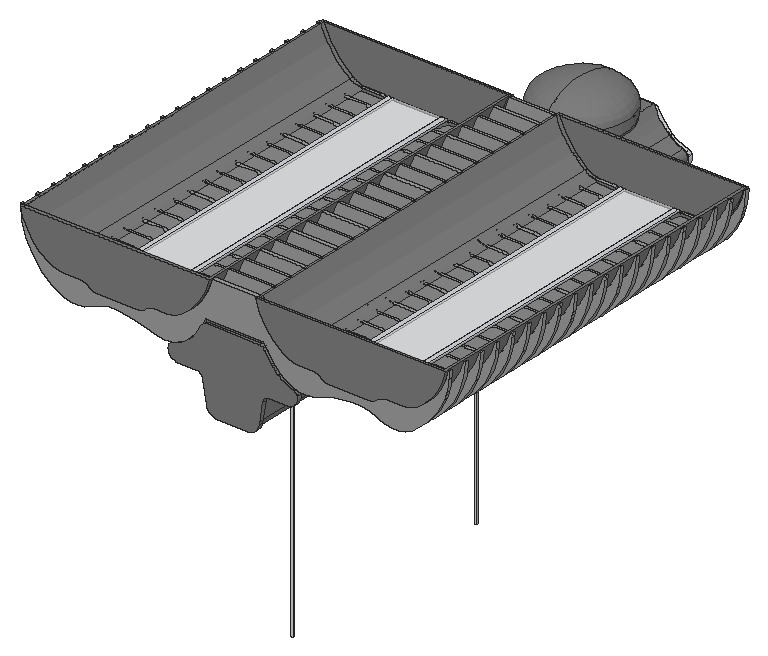
Revit family "0039272 Feilo Sylvania Lighting Fixtures SYLBAY LED 4000K 13KLM WIDE 1-10V PIR", category Lighting Fixtures, host Face, Revit 2017 (continued)
Definition of nested family "SylbayBody"
  Definition of nested family "SlybayRib"
    Forms (mm)
      Extrusion 2, solid, material <- "BodyMaterial"
        sketch origin (0, 0, 0) x (1, 0, 0) y (0, 0, 1)
          loop
            line (117.917, -43.728) -> (84.583, -43.728)
            arc (84.583, -43.728) -> (81.421, -43.215) -> (78.583, -41.728) r 10
            line (78.583, -41.728) -> (75.917, -39.728)
            arc (75.917, -39.728) -> (73.079, -38.242) -> (69.917, -37.728) r 10
            line (69.917, -37.728) -> (58.25, -37.728)
            arc (58.25, -37.728) -> (51.55, -36.705) -> (45.461, -33.728) r 22.443
            arc (45.461, -33.728) -> (30.027, -18.905) -> (20, 0) r 67.602
            line (20, 0) -> (-20, 0)
            arc (-20, 0) -> (-30.027, -18.905) -> (-45.461, -33.728) r 67.602
            arc (-45.461, -33.728) -> (-51.55, -36.705) -> (-58.25, -37.728) r 22.443
            line (-58.25, -37.728) -> (-69.917, -37.728)
            arc (-69.917, -37.728) -> (-73.079, -38.242) -> (-75.917, -39.728) r 10
            line (-75.917, -39.728) -> (-78.583, -41.728)
            arc (-78.583, -41.728) -> (-81.421, -43.215) -> (-84.583, -43.728) r 10
            line (-84.583, -43.728) -> (-117.917, -43.728)
            arc (-117.917, -43.728) -> (-121.079, -43.215) -> (-123.917, -41.728) r 10
            line (-123.917, -41.728) -> (-126.583, -39.728)
            arc (-126.583, -39.728) -> (-129.421, -38.242) -> (-132.583, -37.728) r 10
            line (-132.583, -37.728) -> (-145.75, -37.728)
            arc (-145.75, -37.728) -> (-153.193, -36.71) -> (-160.088, -33.728) r 27.697
            arc (-160.088, -33.728) -> (-176.046, -19.314) -> (-185.5, 0) r 56.788
            line (-185.5, 0) -> (-187.5, 0)
        from 1.25 <- "RibExtrusionStart_FEILO" to -1.25 <- "RibExtrusionEnd_FEILO"
    Dimensions and locks
      equal spacing: plane 5, plane 3 "Center (Left/Right)", plane 4
      locked: plane 5 to plane 4 at 375
      locked: plane 6 to plane 7 at 62.478
      locked: plane 6 to plane 8 at 53.728
      equal spacing: plane 10, plane 3 "Center (Left/Right)", plane 9
      plane 3 "Center (Left/Right)" to plane 9 = 102.75 mm
      locked: plane 6 to plane 11 at 33.728
      equal spacing: plane 13, plane 9, plane 12
      locked: plane 14 to plane 8 at 10
      equal spacing: plane 16, plane 9, plane 15
      locked: plane 9 to plane 15 at 20
      locked: plane 17 to plane 14 at 6
      equal spacing: plane 19, plane 9, plane 18
      locked: plane 15 to plane 18 at 8
      equal spacing: plane 21, plane 9, plane 20
      locked: plane 18 to plane 20 at 15
      locked: plane 13 to plane 22 at 5.3
      locked: plane 3 "Center (Left/Right)" to Extrusion 2 sketch curve at 83.982  (x2)
      locked: plane 3 "Center (Left/Right)" to Extrusion 2 sketch curve at 79.005  (x2)
      locked: plane 3 "Center (Left/Right)" to Extrusion 2 sketch curve at 119.907  (x2)
      locked: plane 3 "Center (Left/Right)" to Extrusion 2 sketch curve at 61.405  (x2)
      locked: plane 3 "Center (Left/Right)" to Extrusion 2 sketch curve at 138.973  (x2)
      locked: plane 3 "Center (Left/Right)" to Extrusion 2 sketch curve at 84.583  (x2)
      locked: plane 3 "Center (Left/Right)" to Extrusion 2 sketch curve at 117.917  (x2)
      locked: plane 3 "Center (Left/Right)" to Extrusion 2 sketch curve at 132.583  (x2)
      locked: plane 3 "Center (Left/Right)" to Extrusion 2 sketch curve at 69.917  (x2)
      locked: Extrusion 2 sketch curve to plane 6 at 21.825  (x2)
      locked: Extrusion 2 sketch curve to plane 6 at 0.822  (x2)
      locked: plane 6 to Extrusion 2 sketch curve at 10.994  (x2)
      locked: plane 6 to Extrusion 2 sketch curve at 15.285  (x2)
      locked: plane 6 to Extrusion 2 sketch curve at 31.076  (x2)
      locked: plane 6 to Extrusion 2 sketch curve at 33.728  (x4)
      locked: plane 6 to Extrusion 2 sketch curve at 29.917  (x2)
      locked: plane 6 to Extrusion 2 sketch curve at 47.728  (x4)
      locked: plane 6 to Extrusion 2 sketch curve at 100.413  (x2)
      locked: plane 6 to Extrusion 2 sketch curve at 141.419  (x2)
      locked: plane 3 "Center (Left/Right)" to Extrusion 2 sketch curve at 106.788  (x2)
      locked: plane 3 "Center (Left/Right)" to Extrusion 2 sketch curve at 104.198  (x2)
      locked: plane 3 "Center (Left/Right)" to Extrusion 2 sketch curve at 130.69  (x2)
      locked: Extrusion 2 sketch curve to plane 6 at 14.858  (x2)
      locked: plane 6 to Extrusion 2 sketch curve at 10.032  (x2)
      locked: plane 3 "Center (Left/Right)" to Extrusion 2 sketch curve at 145.75  (x2)
      aligned and locked: plane 2 to Extrusion 1
      aligned and locked: level to Extrusion 1
      aligned and locked: plane 6 to Extrusion 2 sketch curve
      aligned and locked: plane 4 to Extrusion 2 sketch curve
      aligned and locked: plane 17 to Extrusion 2 sketch curve
      aligned and locked: plane 14 to Extrusion 2 sketch curve
      aligned and locked: Extrusion 2 sketch curve to plane 17
      aligned and locked: plane 8 to Extrusion 2 sketch curve  (x3)
      aligned and locked: plane 2 to plane 6
      aligned and locked: plane 20 to Extrusion 2 sketch curve
      aligned and locked: plane 11 to Extrusion 2 sketch curve  (x2)
      aligned and locked: plane 12 to Extrusion 2 sketch curve
      aligned and locked: Extrusion 2 sketch curve to plane 6
      aligned and locked: Extrusion 2 sketch curve to level
      aligned and locked: Extrusion 2 sketch curve to plane 11
    Automatic sketch dimensions
      Extrusion 1 sketch curve to Extrusion 1 sketch curve = 2438.4 mm  (x2)
      Extrusion 2 sketch curve to plane 11 = 0 mm  (x6)
      Extrusion 2 sketch curve to plane 8 = 0 mm  (x7)
      Extrusion 2 sketch curve to plane 17 = 0 mm
      Extrusion 2 sketch curve to plane 5 = 0 mm
      Extrusion 2 sketch curve to plane 14 = 0 mm
      Extrusion 2 sketch curve to plane 17 = 2 mm  (x3)
      Extrusion 2 sketch curve to plane 15 = 1.167 mm
      plane 14 to Extrusion 2 sketch curve = 2 mm  (x3)
      Extrusion 2 sketch curve to plane 19 = 1.167 mm
Definition of nested family "SlybayRib"
  Parameters (values of type "SylbayRib")
    URL = "http://www.feilosylvania.com"
    Type Image = (empty or 0)
    Type Comments = "n/a"
    RibThickness_FEILO = 2.5 mm
    RibExtrusionStart_FEILO = RibThickness_FEILO / 2  # 1.25 mm
    RibExtrusionEnd_FEILO = -RibThickness_FEILO / 2  # -1.25 mm
    RibDistance_FEILO = 0 mm
    Model = ""
    Manufacturer = "Feilo Sylvania"
    Keynote = ""
    Description = "n/a"
    Default Elevation = 1219.2 mm
    Cost = 0
    BodyMaterial = none
    Assembly Code = ""
  Reference planes
    plane 1 "Center (Front/Back)": y = 0
    plane 2: z = 0
    plane 3 "Center (Left/Right)": x = 0
    plane 4: x = -187.5
    plane 5: x = 187.5
    plane 6: z = 0
    plane 7: z = -62.478
    plane 8: z = -53.728
    plane 9: x = -102.75
    plane 10: x = 102.75
    plane 11: z = -33.728
    plane 12: x = -185.5
    plane 13: x = -20
    plane 14: z = -43.728
    plane 15: x = -122.75
    plane 16: x = -82.75
    plane 17: z = -37.728
    plane 18: x = -130.75
    plane 19: x = -74.75
    plane 20: x = -145.75
    plane 21: x = -59.75
    plane 22: x = -25.3
  Forms (mm)
    Extrusion 1, solid
      sketch origin (4.2, 0, 0) x (1, 0, 0) y (0, 1, 0)
        loop
          line (-1219.2, 1219.2) -> (-1219.2, -1219.2) -> (1219.2, -1219.2) -> (1219.2, 1219.2) -> (-1219.2, 1219.2)
      from 0 to -304.8
    Extrusion 2, solid, material <- "BodyMaterial"
      sketch origin (0, 0, 0) x (1, 0, 0) y (0, 0, 1)
        loop
          arc (-187.5, 0) -> (-180.003, -30.129) -> (-159.829, -53.728) r 67.598
          arc (-159.829, -53.728) -> (-143.258, -61.567) -> (-125.169, -58.599) r 30.791
          arc (-125.169, -58.599) -> (-113.533, -54.576) -> (-101.25, -53.728) r 46.777
          arc (-101.25, -53.728) -> (-87.202, -55.765) -> (-73.664, -60.037) r 87.865
          arc (-73.664, -60.037) -> (-55.541, -61.903) -> (-39.258, -53.728) r 32.519
          arc (-39.258, -53.728) -> (-31.199, -44.469) -> (-25.254, -33.728) r 58.361
          line (-25.254, -33.728) -> (25.254, -33.728)
          arc (25.254, -33.728) -> (31.199, -44.469) -> (39.258, -53.728) r 58.361
          arc (39.258, -53.728) -> (55.541, -61.903) -> (73.664, -60.037) r 32.519
          arc (73.664, -60.037) -> (87.202, -55.765) -> (101.25, -53.728) r 87.865
          arc (101.25, -53.728) -> (113.533, -54.576) -> (125.169, -58.599) r 46.777
          arc (125.169, -58.599) -> (143.258, -61.567) -> (159.829, -53.728) r 30.791
          arc (159.829, -53.728) -> (180.003, -30.129) -> (187.5, 0) r 67.598
          line (187.5, 0) -> (185.5, 0)
          arc (185.5, 0) -> (176.046, -19.314) -> (160.088, -33.728) r 56.788
          arc (160.088, -33.728) -> (153.193, -36.71) -> (145.75, -37.728) r 27.697
          line (145.75, -37.728) -> (132.583, -37.728)
          arc (132.583, -37.728) -> (129.421, -38.242) -> (126.583, -39.728) r 10
          line (126.583, -39.728) -> (123.917, -41.728)
          arc (123.917, -41.728) -> (121.079, -43.215) -> (117.917, -43.728) r 10
          line (117.917, -43.728) -> (84.583, -43.728)
          arc (84.583, -43.728) -> (81.421, -43.215) -> (78.583, -41.728) r 10
          line (78.583, -41.728) -> (75.917, -39.728)
          arc (75.917, -39.728) -> (73.079, -38.242) -> (69.917, -37.728) r 10
          line (69.917, -37.728) -> (58.25, -37.728)
          arc (58.25, -37.728) -> (51.55, -36.705) -> (45.461, -33.728) r 22.443
          arc (45.461, -33.728) -> (30.027, -18.905) -> (20, 0) r 67.602
          line (20, 0) -> (-20, 0)
          arc (-20, 0) -> (-30.027, -18.905) -> (-45.461, -33.728) r 67.602
          arc (-45.461, -33.728) -> (-51.55, -36.705) -> (-58.25, -37.728) r 22.443
          line (-58.25, -37.728) -> (-69.917, -37.728)
          arc (-69.917, -37.728) -> (-73.079, -38.242) -> (-75.917, -39.728) r 10
          line (-75.917, -39.728) -> (-78.583, -41.728)
          arc (-78.583, -41.728) -> (-81.421, -43.215) -> (-84.583, -43.728) r 10
          line (-84.583, -43.728) -> (-117.917, -43.728)
          arc (-117.917, -43.728) -> (-121.079, -43.215) -> (-123.917, -41.728) r 10
          line (-123.917, -41.728) -> (-126.583, -39.728)
          arc (-126.583, -39.728) -> (-129.421, -38.242) -> (-132.583, -37.728) r 10
          line (-132.583, -37.728) -> (-145.75, -37.728)
          arc (-145.75, -37.728) -> (-153.193, -36.71) -> (-160.088, -33.728) r 27.697
          arc (-160.088, -33.728) -> (-176.046, -19.314) -> (-185.5, 0) r 56.788
          line (-185.5, 0) -> (-187.5, 0)
      from 1.25 <- "RibExtrusionStart_FEILO" to -1.25 <- "RibExtrusionEnd_FEILO"
  Dimensions and locks
    equal spacing: plane 5, plane 3 "Center (Left/Right)", plane 4
    locked: plane 5 to plane 4 at 375
    locked: plane 6 to plane 7 at 62.478
    locked: plane 6 to plane 8 at 53.728
    equal spacing: plane 10, plane 3 "Center (Left/Right)", plane 9
    plane 3 "Center (Left/Right)" to plane 9 = 102.75 mm
    locked: plane 6 to plane 11 at 33.728
    equal spacing: plane 13, plane 9, plane 12
    locked: plane 14 to plane 8 at 10
    equal spacing: plane 16, plane 9, plane 15
    locked: plane 9 to plane 15 at 20
    locked: plane 17 to plane 14 at 6
    equal spacing: plane 19, plane 9, plane 18
    locked: plane 15 to plane 18 at 8
    equal spacing: plane 21, plane 9, plane 20
    locked: plane 18 to plane 20 at 15
    locked: plane 13 to plane 22 at 5.3
    locked: plane 3 "Center (Left/Right)" to Extrusion 2 sketch curve at 83.982  (x2)
    locked: plane 3 "Center (Left/Right)" to Extrusion 2 sketch curve at 79.005  (x2)
    locked: plane 3 "Center (Left/Right)" to Extrusion 2 sketch curve at 119.907  (x2)
    locked: plane 3 "Center (Left/Right)" to Extrusion 2 sketch curve at 61.405  (x2)
    locked: plane 3 "Center (Left/Right)" to Extrusion 2 sketch curve at 138.973  (x2)
    locked: plane 3 "Center (Left/Right)" to Extrusion 2 sketch curve at 84.583  (x2)
    locked: plane 3 "Center (Left/Right)" to Extrusion 2 sketch curve at 117.917  (x2)
    locked: plane 3 "Center (Left/Right)" to Extrusion 2 sketch curve at 132.583  (x2)
    locked: plane 3 "Center (Left/Right)" to Extrusion 2 sketch curve at 69.917  (x2)
    locked: Extrusion 2 sketch curve to plane 6 at 21.825  (x2)
    locked: Extrusion 2 sketch curve to plane 6 at 0.822  (x2)
    locked: plane 6 to Extrusion 2 sketch curve at 10.994  (x2)
    locked: plane 6 to Extrusion 2 sketch curve at 15.285  (x2)
    locked: plane 6 to Extrusion 2 sketch curve at 31.076  (x2)
    locked: plane 6 to Extrusion 2 sketch curve at 33.728  (x4)
    locked: plane 6 to Extrusion 2 sketch curve at 29.917  (x2)
    locked: plane 6 to Extrusion 2 sketch curve at 47.728  (x4)
    locked: plane 6 to Extrusion 2 sketch curve at 100.413  (x2)
    locked: plane 6 to Extrusion 2 sketch curve at 141.419  (x2)
    locked: plane 3 "Center (Left/Right)" to Extrusion 2 sketch curve at 106.788  (x2)
    locked: plane 3 "Center (Left/Right)" to Extrusion 2 sketch curve at 104.198  (x2)
    locked: plane 3 "Center (Left/Right)" to Extrusion 2 sketch curve at 130.69  (x2)
    locked: Extrusion 2 sketch curve to plane 6 at 14.858  (x2)
    locked: plane 6 to Extrusion 2 sketch curve at 10.032  (x2)
    locked: plane 3 "Center (Left/Right)" to Extrusion 2 sketch curve at 145.75  (x2)
    aligned and locked: plane 2 to Extrusion 1
    aligned and locked: level to Extrusion 1
    aligned and locked: plane 6 to Extrusion 2 sketch curve
    aligned and locked: plane 4 to Extrusion 2 sketch curve
    aligned and locked: plane 17 to Extrusion 2 sketch curve
    aligned and locked: plane 14 to Extrusion 2 sketch curve
    aligned and locked: Extrusion 2 sketch curve to plane 17
    aligned and locked: plane 8 to Extrusion 2 sketch curve  (x3)
    aligned and locked: plane 2 to plane 6
    aligned and locked: plane 20 to Extrusion 2 sketch curve
    aligned and locked: plane 11 to Extrusion 2 sketch curve  (x2)
    aligned and locked: plane 12 to Extrusion 2 sketch curve
    aligned and locked: Extrusion 2 sketch curve to plane 6
    aligned and locked: Extrusion 2 sketch curve to level
    aligned and locked: Extrusion 2 sketch curve to plane 11
  Automatic sketch dimensions
    Extrusion 1 sketch curve to Extrusion 1 sketch curve = 2438.4 mm  (x2)
    Extrusion 2 sketch curve to plane 11 = 0 mm  (x6)
    Extrusion 2 sketch curve to plane 8 = 0 mm  (x7)
    Extrusion 2 sketch curve to plane 17 = 0 mm
    Extrusion 2 sketch curve to plane 5 = 0 mm
    Extrusion 2 sketch curve to plane 14 = 0 mm
    Extrusion 2 sketch curve to plane 17 = 2 mm  (x3)
    Extrusion 2 sketch curve to plane 15 = 1.167 mm
    plane 14 to Extrusion 2 sketch curve = 2 mm  (x3)
    Extrusion 2 sketch curve to plane 19 = 1.167 mm
